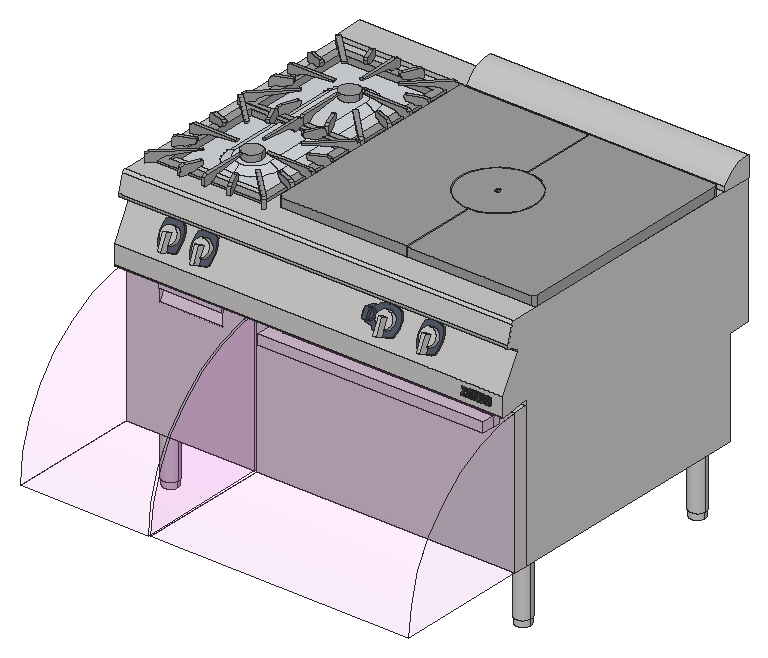
Revit family "QF_ZANUSSI_392265_Z9STGLT01A", category Specialty Equipment, Revit 2018
Family settings
  Round Connector Dimension = Use Diameter
  Part Type = Normal
  Work Plane-Based = No
  Always vertical = Yes
  Cut with Voids When Loaded = No
  Shared = No
  Room Calculation Point = No
Parameters (values of type "Standard")
  Weight = 207.00 kg
  Watts = 0 W
  Volts = 400 V
  URL Manufacturer = "http://www.zanussiprofessional.com"
  URL = "http://www.zanussiprofessional.com"
  Steam Supply Size = 0 mm
  Steam Supply Minimum Pressure = 0.0 Pa
  Steam Supply Maximum Pressure = 0.0 Pa
  Steam Pounds per Hour = 0
  Show Logo [instance] = yes
  Refrigeration Suction Line Size = 0 mm
  Refrigeration Liquid Line Size = 0 mm
  Refrigerant Compressor Remote = yes
  Manufacturer = "Zanussi"
  Phase = 0
  Model = "Z9STGLT01A"
  Length Actual = 1200 mm  # constant formula
  Item Number = "392265"
  Hot Water Size = 0 mm
  Height Actual = 850 mm  # constant formula
  HP = "0 HP"
  Gas Size = 12.7 mm
  Gas KW = 35
  Gas Input Pressure = 0.34467 W
  Direct Waste Size = 0 mm
  Description = "GAS SOLID TOP+2 BURN+OVEN+CUPB.1200(AGA)"
  Depth Actual = 900 mm  # constant formula
  Cycle = 0 Hz
  Condensate Return Size = 0 mm
  Compressed Air Volume = 0.0 L/s
  Compressed Air Size = 0 mm
  Compressed Air Pressure = 0.0 Pa
  Cold Water Size = 0 mm
  Accessory = yes
Values of the unnamed type that differ from the named types
  URL Manufacturer = ""
  Item Number = ""
  Gas KW = 0
  Gas Input Pressure = 0 W
Reference planes
  plane 1 "Centro (Fronte/Retro)": y = 0
  plane 2: z = 0
  plane 3 "Centro (Sinistra/Destra)": x = 0
  plane 4: y = 428
  plane 5: x = 600
  plane 6: x = -600
  plane 7: z = 851
  plane 8: z = 1088
  plane 9: y = -426
  plane 10: y = 301
  plane 11: y = -373
  plane 12: x = 544
  plane 13: x = -544
  plane 14: z = 200
  plane 15: y = -547
Forms (mm)
  Extrusion 1, solid, material "QF_Finishes_Stainless Steel"
    sketch origin (0, 0, 0) x (0, 1, 0) y (0, 0, 1)
      loop
        line (357.87, 200) -> (357.87, 499) -> (427.87, 499) -> (427.87, 900.003) -> (-476.439, 900.003)
        arc (-476.439, 900.003) -> (-482.857, 898.035) -> (-487.068, 892.808) r 11.448
        line (-487.068, 892.808) -> (-501.668, 841.743)
        arc (-501.668, 841.743) -> (-499.525, 833.321) -> (-491.143, 831.033) r 8.63
        line (-491.143, 831.033) -> (-463.844, 815.273)
        arc (-463.844, 815.273) -> (-461.515, 812.237) -> (-462.014, 808.442) r 5
        line (-462.014, 808.442) -> (-519.278, 709.258) -> (-519.278, 651.079)
        arc (-519.278, 651.079) -> (-518.716, 649.846) -> (-517.416, 649.46) r 1.635
        line (-517.416, 649.46) -> (-429.617, 661.8)
        arc (-429.617, 661.8) -> (-427.092, 661.052) -> (-426, 658.656) r 3.175
        line (-426, 658.656) -> (-426, 200) -> (357.87, 200)
    from -600 to 600
  Extrusion 2, solid, material "QF_Finishes_Stainless Steel"
    sketch origin (71.378, -65.298, 0) x (1, 0, 0) y (0, 1, 0)
      loop
        circle (-615.378, 367.298) r 22.9
    from 0 to 19.05
  Extrusion 3, solid, material "QF_Finishes_Stainless Steel"
    sketch origin (-498.022, -1589.298, 150) x (-1, 0, 0) y (0, -1, 0)
      loop
        circle (45.978, -1891.298) r 25.4
    from -129.95 to 50
  Extrusion 4, solid, material "QF_Finishes_Stainless Steel"
    sketch origin (1059.014, -65.298, 0) x (1, 0, 0) y (0, 1, 0)
      loop
        circle (-515.014, 367.298) r 22.9
    from 0 to 19.05
  Extrusion 5, solid, material "QF_Finishes_Stainless Steel"
    sketch origin (489.614, -1589.298, 150) x (-1, 0, 0) y (0, -1, 0)
      loop
        circle (-54.386, -1891.298) r 25.4
    from -129.95 to 50
  Extrusion 6, solid, material "QF_Finishes_Stainless Steel"
    sketch origin (1059.014, -583.889, 0) x (1, 0, 0) y (0, 1, 0)
      loop
        circle (-515.014, 211.889) r 22.9
    from 0 to 19.05
  Extrusion 7, solid, material "QF_Finishes_Stainless Steel"
    sketch origin (489.614, -2107.889, 150) x (-1, 0, 0) y (0, -1, 0)
      loop
        circle (-54.386, -1735.889) r 25.4
    from -129.95 to 50
  Extrusion 8, solid, material "QF_Finishes_Stainless Steel"
    sketch origin (71.378, -583.889, 0) x (1, 0, 0) y (0, 1, 0)
      loop
        circle (-615.378, 211.889) r 22.9
    from 0 to 19.05
  Extrusion 9, solid, material "QF_Finishes_Stainless Steel"
    sketch origin (-498.022, -2107.889, 150) x (-1, 0, 0) y (0, -1, 0)
      loop
        circle (45.978, -1735.889) r 25.4
    from -129.95 to 50
  Extrusion 10, solid, material "QF_Finishes_Stainless Steel"
    sketch origin (0, -1.816, 50) x (0, 1, 0) y (0, 0, 1)
      loop
        line (-431, 595.2) -> (-471, 595.2) -> (-471, 150) -> (-431, 150) -> (-431, 595.2)
    from -600 to -203.3
  Extrusion 11, solid, material "QF_Finishes_Stainless Steel"
    sketch origin (0, -1.816, 50) x (0, 1, 0) y (0, 0, 1)
      loop
        line (-471, 575.771) -> (-489.278, 575.771) -> (-489.278, 545.176) -> (-471, 545.176) -> (-471, 575.771)
    from -148.5 to -103.5
  Extrusion 12, solid, material "QF_Finishes_Stainless Steel"
    sketch origin (0, -472.816, 645.2) x (0, 0, -1) y (1, 0, 0)
      loop
        line (10.898, -302.545) -> (10.898, -497.455) -> (40.786, -497.455) -> (40.786, -302.545) -> (10.898, -302.545)
    from 0 to 2.029
  Extrusion 13, void
    sketch origin (0, 0.181, 49.887) x (0, 1, 0) y (0, 0, 1)
      loop
        line (-472.998, 554.414) -> (-472.998, 516.206) -> (-450.938, 554.414) -> (-472.998, 554.414)
    from -498 to -302.498
  Extrusion 14, solid, material "QF_Finishes_Stainless Steel"
    sketch origin (0, -1.816, 10) x (0, 1, 0) y (0, 0, 1)
      loop
        line (-431, 635.2) -> (-471, 635.2) -> (-471, 190) -> (-431, 190) -> (-431, 635.2)
    from -196.5 to 600
  Extrusion 15, solid, material "QF_Finishes_Stainless Steel"
    sketch origin (0, 0, 0) x (0, 1, 0) y (0, 0, 1)
      loop
        line (427.87, 900.003) -> (427.87, 963)
        arc (427.87, 963) -> (375.918, 950.598) -> (337.87, 913.112) r 99.471
        line (337.87, 913.112) -> (337.87, 900.003) -> (427.87, 900.003)
    from -196.2 to 600
  Extrusion 16, solid, material "QF_Finishes_Stainless Steel"
    sketch origin (-569.4, -1525.816, 200) x (-1, 0, 0) y (0, -1, 0)
      loop
        arc (-420.9, -994.538) -> (-769.4, -978.816) -> (-1117.9, -994.538) r 3870.492
        line (-1117.9, -994.538) -> (-1117.9, -1034.722) -> (-1072.9, -1034.722)
        arc (-1072.9, -1034.722) -> (-769.4, -1023.574) -> (-465.9, -1034.722) r 4137.084
        line (-465.9, -1034.722) -> (-420.9, -1034.722) -> (-420.9, -994.538)
    from 395.176 to 425.771
  Extrusion 17, solid, material "QF_Finishes_Stainless Steel"
    sketch origin (400, -1.816, 50) x (0, 1, 0) y (0, 0, -1)
      loop
        line (-471, -575.771) -> (-471, -545.176) -> (-489.278, -545.176) -> (-489.278, -575.771) -> (-471, -575.771)
    from -148.5 to -103.5
  Extrusion 18, solid, material "QF_Finishes_Stainless Steel"
    sketch origin (-578.4, -2139.868, -100) x (-1, 0, 0) y (0, -1, 0)
      loop
        circle (-1126.4, -1903.739) r 10
    from 283.429 to 300
  Extrusion 19, void
    sketch origin (0, 348.121, 900.003) x (1, 0, 0) y (0, -1, 0)
      loop
        line (-567.66, 41.35) -> (-232.34, 41.35) -> (-232.34, 704.859) -> (-567.66, 704.859) -> (-567.66, 41.35)
    from 0 to 15
  Extrusion 20, solid, material "QF_Finishes_DarkGray"
    sketch origin (-569.4, -1539, 197) x (-1, 0, 0) y (0, -1, 0)
      loop
        line (-1155.62, -1853) -> (-770.203, -1853) -> (-770.203, -1615.997)
        arc (-770.203, -1615.997) -> (-884.4, -1501) -> (-770.203, -1386.003) r 115
        line (-770.203, -1386.003) -> (-770.203, -1149) -> (-1155.62, -1149)
        arc (-1155.62, -1149) -> (-1162.677, -1151.923) -> (-1165.6, -1158.98) r 9.98
        line (-1165.6, -1158.98) -> (-1165.6, -1843.014)
        arc (-1165.6, -1843.014) -> (-1162.679, -1850.074) -> (-1155.62, -1853) r 9.98
      loop
        arc (-383.186, -1853) -> (-376.123, -1850.077) -> (-373.2, -1843.014) r 9.98
        line (-373.2, -1843.014) -> (-373.2, -1158.986)
        arc (-373.2, -1158.986) -> (-376.123, -1151.923) -> (-383.186, -1149) r 9.98
        line (-383.186, -1149) -> (-768.603, -1149) -> (-768.603, -1386.003)
        arc (-768.603, -1386.003) -> (-654.4, -1501) -> (-768.603, -1615.997) r 115
        line (-768.603, -1615.997) -> (-768.603, -1853) -> (-383.186, -1853)
      loop
        circle (-769.4, -1501) r 5
      loop
        circle (-769.4, -1501) r 7
      loop
        circle (-769.4, -1501) r 112
    from 702 to 730.575
  Extrusion 21, solid, material "QF_Finishes_Navy Blue"
    sketch origin (131.905, -457.627, 816.041) x (0, -0.5, -0.866025) y (1, 0, 0)
      loop
        arc (17.589, -453.358) -> (11.034, -481.931) -> (17.589, -510.504) r 65.546
        arc (17.589, -510.504) -> (53.172, -518.077) -> (88.879, -511.117) r 91.066
        arc (88.879, -511.117) -> (95.705, -481.929) -> (88.879, -452.741) r 65.817
        arc (88.879, -452.741) -> (53.171, -445.734) -> (17.589, -453.358) r 90.5
    from 0 to 3.175
  Extrusion 22, solid, material "QF_Finishes_Stainless Steel"
    sketch origin (131.905, -460.377, 817.628) x (0, -0.5, -0.866025) y (1, 0, 0)
      loop
        circle (52.978, -481.905) r 25.4
    from 0 to 12.7
  Extrusion 23, solid, material "QF_Finishes_Stainless Steel"
    sketch origin (131.905, -481.067, 808.766) x (0, -0.422618, -0.906308) y (1, 0, 0)
      loop
        arc (77.71, -487.692) -> (78.378, -481.905) -> (77.71, -476.119) r 25.4
        line (77.71, -476.119) -> (28.246, -476.119)
        arc (28.246, -476.119) -> (27.578, -481.905) -> (28.246, -487.692) r 25.4
        line (28.246, -487.692) -> (77.71, -487.692)
    from 0 to 22
  Extrusion 24, solid, material "QF_Finishes_Navy Blue"
    sketch origin (131.905, -457.627, 816.041) x (0, -0.5, -0.866025) y (1, 0, 0)
      loop
        arc (17.589, -553.358) -> (11.034, -581.931) -> (17.589, -610.504) r 65.546
        arc (17.589, -610.504) -> (53.172, -618.077) -> (88.879, -611.117) r 91.066
        arc (88.879, -611.117) -> (95.705, -581.929) -> (88.879, -552.741) r 65.817
        arc (88.879, -552.741) -> (53.171, -545.734) -> (17.589, -553.358) r 90.5
    from 0 to 3.175
  Extrusion 25, solid, material "QF_Finishes_Stainless Steel"
    sketch origin (131.905, -460.377, 817.628) x (0, -0.5, -0.866025) y (1, 0, 0)
      loop
        circle (52.978, -581.905) r 25.4
    from 0 to 12.7
  Extrusion 26, solid, material "QF_Finishes_Stainless Steel"
    sketch origin (131.905, -481.067, 808.766) x (0, -0.422618, -0.906308) y (1, 0, 0)
      loop
        arc (77.71, -587.692) -> (78.378, -581.905) -> (77.71, -576.119) r 25.4
        line (77.71, -576.119) -> (28.246, -576.119)
        arc (28.246, -576.119) -> (27.578, -581.905) -> (28.246, -587.692) r 25.4
        line (28.246, -587.692) -> (77.71, -587.692)
    from 0 to 22
  Extrusion 27, solid, material "QF_Finishes_Navy Blue"
    sketch origin (131.905, -457.627, 816.041) x (0, -0.5, -0.866025) y (1, 0, 0)
      loop
        arc (17.589, 246.642) -> (11.034, 218.069) -> (17.589, 189.496) r 65.546
        arc (17.589, 189.496) -> (53.172, 181.923) -> (88.879, 188.883) r 91.066
        arc (88.879, 188.883) -> (95.705, 218.071) -> (88.879, 247.259) r 65.817
        arc (88.879, 247.259) -> (53.171, 254.266) -> (17.589, 246.642) r 90.5
    from 0 to 3.175
  Extrusion 28, solid, material "QF_Finishes_Stainless Steel"
    sketch origin (131.905, -460.377, 817.628) x (0, -0.5, -0.866025) y (1, 0, 0)
      loop
        circle (52.978, 218.095) r 25.4
    from 0 to 12.7
  Extrusion 29, solid, material "QF_Finishes_Stainless Steel"
    sketch origin (131.905, -481.067, 808.766) x (0, -0.422618, -0.906308) y (1, 0, 0)
      loop
        arc (77.71, 212.308) -> (78.378, 218.095) -> (77.71, 223.881) r 25.4
        line (77.71, 223.881) -> (28.246, 223.881)
        arc (28.246, 223.881) -> (27.578, 218.095) -> (28.246, 212.308) r 25.4
        line (28.246, 212.308) -> (77.71, 212.308)
    from 0 to 22
  Extrusion 30, solid, material "QF_Finishes_Navy Blue"
    sketch origin (-2.396, -457.627, 816.041) x (0, -0.5, -0.866025) y (1, 0, 0)
      loop
        arc (19.994, 251.151) -> (11.034, 218.141) -> (19.922, 185.111) r 65.546
        arc (19.922, 185.111) -> (22.94, 183.451) -> (26.041, 181.953) r 65.546
        arc (26.041, 181.953) -> (30.175, 162.952) -> (40.168, 146.271) r 60
        arc (40.168, 146.271) -> (52.884, 144.752) -> (65.607, 146.216) r 55
        arc (65.607, 146.216) -> (75.654, 162.885) -> (79.836, 181.894) r 60
        arc (79.836, 181.894) -> (82.94, 183.386) -> (85.962, 185.039) r 65.546
        arc (85.962, 185.039) -> (94.922, 218.049) -> (86.034, 251.078) r 65.546
        arc (86.034, 251.078) -> (53.024, 260.039) -> (19.994, 251.151) r 65.546
    from 0 to 3.175
  Extrusion 31, solid, material "QF_Finishes_Stainless Steel"
    sketch origin (131.905, -460.377, 817.628) x (0, -0.5, -0.866025) y (1, 0, 0)
      loop
        circle (52.978, 83.794) r 25.4
    from 0 to 12.7
  Extrusion 32, solid, material "QF_Finishes_Stainless Steel"
    sketch origin (131.905, -481.067, 808.766) x (0, -0.422618, -0.906308) y (1, 0, 0)
      loop
        arc (77.71, 78.008) -> (78.378, 83.794) -> (77.71, 89.58) r 25.4
        line (77.71, 89.58) -> (28.246, 89.58)
        arc (28.246, 89.58) -> (27.578, 83.794) -> (28.246, 78.008) r 25.4
        line (28.246, 78.008) -> (77.71, 78.008)
    from 0 to 22
  Extrusion 33, solid, material "QF_Finishes_Navy Blue"
    sketch origin (-2.396, -460.377, 817.628) x (0, -0.5, -0.866025) y (1, 0, 0)
      loop
        circle (52.978, 167.295) r 16.544
    from 0 to 10
  Extrusion 34, solid, material "QF_Finishes_Navy Blue"
    sketch origin (-2.396, -469.037, 822.628) x (0, -0.5, -0.866025) y (1, 0, 0)
      loop
        line (37.478, 161.508) -> (68.478, 161.508)
        arc (68.478, 161.508) -> (69.522, 167.295) -> (68.478, 173.081) r 16.544
        line (68.478, 173.081) -> (37.478, 173.081)
        arc (37.478, 173.081) -> (36.434, 167.295) -> (37.478, 161.508) r 16.544
    from 0 to 10
  Extrusion 35, solid, material "QF_Finishes_Stainless Steel"
    sketch origin (0, 0, 0) x (0, 1, 0) y (0, 0, 1)
      loop
        line (427.87, 900.003) -> (427.87, 913.112) -> (337.87, 913.112) -> (337.87, 900.003) -> (427.87, 900.003)
    from -600 to -196.2
  Extrusion 36, solid, material "QF_Finishes_Drawer Clearance"
    sketch origin (0, -1.816, 50) x (0, 1, 0) y (0, 0, 1)
      loop
        line (-431, 150) -> (-431, 595.2)
        arc (-431, 595.2) -> (-746.753, 464.332) -> (-881, 150) r 452.683
        line (-881, 150) -> (-431, 150)
    from -196.5 to 600
  Extrusion 37, solid, material "QF_Finishes_Drawer Clearance"
    sketch origin (-403.5, -1.816, 50) x (0, 1, 0) y (0, 0, 1)
      loop
        line (-431, 150) -> (-431, 595.2)
        arc (-431, 595.2) -> (-746.753, 464.332) -> (-881, 150) r 452.683
        line (-881, 150) -> (-431, 150)
    from -196.5 to 200.2
Cuts and joins
  Extrusion 19 cuts Extrusion 1
  Extrusion 13 cuts Extrusion 10
  joined: Extrusion 11, Extrusion 16
Lines and regions (mm)
  symbolic lines
    curve 1: line (-455.786, -502.068, 150) -> (-455.786, -533.847, 150)
    curve 2: line (-444.214, -533.847, 150) -> (-444.214, -502.068, 150)
    curve 3: spline (-455.786, -533.847, 150) -> (-454.835, -533.933, 150) -> (-453.876, -534.004, 150) -> (-452.912, -534.059, 150) -> (-451.944, -534.098, 150) -> (-450.973, -534.122, 150) -> (-450, -534.13, 150) -> (-449.027, -534.122, 150) -> (-448.056, -534.098, 150) -> (-447.088, -534.059, 150) -> (-446.124, -534.004, 150) -> (-445.165, -533.933, 150) -> (-444.214, -533.847, 150)
    curve 4: spline (-473.968, -502.068, 150) -> (-473.182, -503.055, 150) -> (-472.234, -504.005, 150) -> (-471.13, -504.912, 150) -> (-469.879, -505.77, 150) -> (-468.489, -506.573, 150) -> (-466.969, -507.314, 150) -> (-465.331, -507.99, 150) -> (-463.586, -508.595, 150) -> (-461.745, -509.125, 150) -> (-459.823, -509.576, 150) -> (-457.832, -509.946, 150) -> (-455.786, -510.231, 150)
    curve 5: spline (-444.214, -510.231, 150) -> (-442.168, -509.946, 150) -> (-440.177, -509.576, 150) -> (-438.255, -509.125, 150) -> (-436.414, -508.595, 150) -> (-434.669, -507.99, 150) -> (-433.031, -507.314, 150) -> (-431.511, -506.573, 150) -> (-430.121, -505.77, 150) -> (-428.87, -504.912, 150) -> (-427.766, -504.005, 150) -> (-426.818, -503.055, 150) -> (-426.032, -502.068, 150)
    curve 6: line (600, 427.87, 150) -> (-600, 427.87, 150)
    curve 7: line (-600, 427.87, 150) -> (-600, -519.278, 150)
    curve 8: line (600, -519.278, 150) -> (600, 427.87, 150)
    curve 9: line (-600, -519.278, 150) -> (600, -519.278, 150)
    curve 10: line (-148.5, -519.278, 150) -> (-148.5, -529.462, 150)
    curve 11: line (548.5, -529.462, 150) -> (548.5, -519.278, 150)
    curve 12: line (-196.2, 304.014, 150) -> (-196.2, -380.014, 150)
    curve 13: arc (-186.214, 314, 150) -> (-193.277, 311.077, 150) -> (-196.2, 304.014, 150) r 9.98
    curve 14: line (199.203, 314, 150) -> (-186.214, 314, 150)
    curve 15: line (199.203, 76.997, 150) -> (199.203, 314, 150)
    curve 16: arc (199.203, -152.997, 150) -> (85, -38, 150) -> (199.203, 76.997, 150) r 115
    curve 17: line (199.203, -390, 150) -> (199.203, -152.997, 150)
    curve 18: line (-186.214, -390, 150) -> (199.203, -390, 150)
    curve 19: arc (-196.2, -380.014, 150) -> (-193.277, -387.077, 150) -> (-186.214, -390, 150) r 9.98
    curve 20: arc (199.203, 73.997, 150) -> (88.003, -38.797, 150) -> (200.797, -149.997, 150) r 112
    curve 21: arc (200.797, -149.997, 150) -> (311.997, -37.203, 150) -> (199.203, 73.997, 150) r 112
    curve 22: arc (200.803, 76.997, 150) -> (315, -38, 150) -> (200.803, -152.997, 150) r 115
    curve 23: line (200.803, -152.997, 150) -> (200.803, -390, 150)
    curve 24: line (200.803, -390, 150) -> (586.22, -390, 150)
    curve 25: arc (586.22, -390, 150) -> (593.277, -387.077, 150) -> (596.2, -380.02, 150) r 9.98
    curve 26: line (596.2, -380.02, 150) -> (596.2, 304.014, 150)
    curve 27: arc (596.2, 304.014, 150) -> (593.279, 311.075, 150) -> (586.22, 314, 150) r 9.98
    curve 28: line (586.22, 314, 150) -> (200.803, 314, 150)
    curve 29: line (200.803, 314, 150) -> (200.803, 76.997, 150)
    curve 30: line (600, 356, 150) -> (-600, 356, 150)
    curve 31: line (-600, 337.87, 150) -> (600, 337.87, 150)
    curve 32: line (600, -431, 150) -> (-600, -431, 150)
    curve 35: line (-355.786, -502.068, 150) -> (-355.786, -533.847, 150)
    curve 36: line (-344.214, -533.847, 150) -> (-344.214, -502.068, 150)
    curve 37: spline (-355.786, -533.847, 150) -> (-354.835, -533.933, 150) -> (-353.876, -534.004, 150) -> (-352.912, -534.059, 150) -> (-351.944, -534.098, 150) -> (-350.973, -534.122, 150) -> (-350, -534.13, 150) -> (-349.027, -534.122, 150) -> (-348.056, -534.098, 150) -> (-347.088, -534.059, 150) -> (-346.124, -534.004, 150) -> (-345.165, -533.933, 150) -> (-344.214, -533.847, 150)
    curve 38: spline (-373.968, -502.068, 150) -> (-373.182, -503.055, 150) -> (-372.234, -504.005, 150) -> (-371.13, -504.912, 150) -> (-369.879, -505.77, 150) -> (-368.489, -506.573, 150) -> (-366.969, -507.314, 150) -> (-365.331, -507.99, 150) -> (-363.586, -508.595, 150) -> (-361.745, -509.125, 150) -> (-359.823, -509.576, 150) -> (-357.832, -509.946, 150) -> (-355.786, -510.231, 150)
    curve 39: spline (-344.214, -510.231, 150) -> (-342.168, -509.946, 150) -> (-340.177, -509.576, 150) -> (-338.255, -509.125, 150) -> (-336.414, -508.595, 150) -> (-334.669, -507.99, 150) -> (-333.031, -507.314, 150) -> (-331.511, -506.573, 150) -> (-330.121, -505.77, 150) -> (-328.87, -504.912, 150) -> (-327.766, -504.005, 150) -> (-326.818, -503.055, 150) -> (-326.032, -502.068, 150)
    curve 40: line (209.839, -502.068, 150) -> (209.839, -533.847, 150)
    curve 41: line (221.411, -533.847, 150) -> (221.411, -502.068, 150)
    curve 42: spline (209.839, -533.847, 150) -> (210.79, -533.933, 150) -> (211.749, -534.004, 150) -> (212.713, -534.059, 150) -> (213.681, -534.098, 150) -> (214.652, -534.122, 150) -> (215.625, -534.13, 150) -> (216.598, -534.122, 150) -> (217.569, -534.098, 150) -> (218.537, -534.059, 150) -> (219.501, -534.004, 150) -> (220.46, -533.933, 150) -> (221.411, -533.847, 150)
    curve 43: spline (191.657, -502.068, 150) -> (192.443, -503.055, 150) -> (193.391, -504.005, 150) -> (194.495, -504.912, 150) -> (195.746, -505.77, 150) -> (197.136, -506.573, 150) -> (198.656, -507.314, 150) -> (200.294, -507.99, 150) -> (202.039, -508.595, 150) -> (203.88, -509.125, 150) -> (205.802, -509.576, 150) -> (207.793, -509.946, 150) -> (209.839, -510.231, 150)
    curve 44: spline (221.411, -510.231, 150) -> (223.457, -509.946, 150) -> (225.448, -509.576, 150) -> (227.37, -509.125, 150) -> (229.211, -508.595, 150) -> (230.956, -507.99, 150) -> (232.594, -507.314, 150) -> (234.114, -506.573, 150) -> (235.504, -505.77, 150) -> (236.755, -504.912, 150) -> (237.859, -504.005, 150) -> (238.807, -503.055, 150) -> (239.593, -502.068, 150)
    curve 45: line (344.214, -502.068, 150) -> (344.214, -533.847, 150)
    curve 46: line (355.786, -533.847, 150) -> (355.786, -502.068, 150)
    curve 47: spline (344.214, -533.847, 150) -> (345.165, -533.933, 150) -> (346.124, -534.004, 150) -> (347.088, -534.059, 150) -> (348.056, -534.098, 150) -> (349.027, -534.122, 150) -> (350, -534.13, 150) -> (350.973, -534.122, 150) -> (351.944, -534.098, 150) -> (352.912, -534.059, 150) -> (353.876, -534.004, 150) -> (354.835, -533.933, 150) -> (355.786, -533.847, 150)
    curve 48: spline (326.032, -502.068, 150) -> (326.818, -503.055, 150) -> (327.766, -504.005, 150) -> (328.87, -504.912, 150) -> (330.121, -505.77, 150) -> (331.511, -506.573, 150) -> (333.031, -507.314, 150) -> (334.669, -507.99, 150) -> (336.414, -508.595, 150) -> (338.255, -509.125, 150) -> (340.177, -509.576, 150) -> (342.168, -509.946, 150) -> (344.214, -510.231, 150)
    curve 49: spline (355.786, -510.231, 150) -> (357.832, -509.946, 150) -> (359.823, -509.576, 150) -> (361.745, -509.125, 150) -> (363.586, -508.595, 150) -> (365.331, -507.99, 150) -> (366.969, -507.314, 150) -> (368.489, -506.573, 150) -> (369.879, -505.77, 150) -> (371.13, -504.912, 150) -> (372.234, -504.005, 150) -> (373.182, -503.055, 150) -> (373.968, -502.068, 150)
    curve 50: line (159.113, -502.068, 150) -> (159.113, -511.936, 150)
    curve 51: spline (159.113, -511.936, 150) -> (160.046, -512.095, 150) -> (160.995, -512.225, 150) -> (161.959, -512.327, 150) -> (162.933, -512.4, 150) -> (163.914, -512.444, 150) -> (164.899, -512.459, 150) -> (165.884, -512.444, 150) -> (166.865, -512.4, 150) -> (167.839, -512.327, 150) -> (168.803, -512.225, 150) -> (169.753, -512.095, 150) -> (170.685, -511.936, 150)
    curve 52: line (170.685, -511.936, 150) -> (170.685, -502.068, 150)
    curve 53: line (-577.999, -242.313, 150) -> (-447.206, -242.313, 150)
    curve 54: line (-447.206, -242.313, 150) -> (-447.206, -232.313, 150)
    curve 55: line (-447.206, -232.313, 150) -> (-577.999, -232.313, 150)
    curve 56: line (-577.999, -232.313, 150) -> (-577.999, -242.313, 150)
    curve 57: line (-573.919, -418.304, 150) -> (-481.435, -325.82, 150)
    curve 58: line (-481.435, -325.82, 150) -> (-488.506, -318.748, 150)
    curve 59: line (-488.506, -318.748, 150) -> (-580.991, -411.233, 150)
    curve 60: line (-580.991, -411.233, 150) -> (-573.919, -418.304, 150)
    curve 61: line (-405, -284.52, 150) -> (-405, -415.313, 150)
    curve 62: line (-405, -415.313, 150) -> (-395, -415.313, 150)
    curve 63: line (-395, -415.313, 150) -> (-395, -284.52, 150)
    curve 64: line (-395, -284.52, 150) -> (-405, -284.52, 150)
    curve 65: line (-318.565, -325.82, 150) -> (-226.081, -418.304, 150)
    curve 66: line (-226.081, -418.304, 150) -> (-219.009, -411.233, 150)
    curve 67: line (-219.009, -411.233, 150) -> (-311.494, -318.748, 150)
    curve 68: line (-311.494, -318.748, 150) -> (-318.565, -325.82, 150)
    curve 69: line (-352.794, -242.313, 150) -> (-222.001, -242.313, 150)
    curve 70: line (-222.001, -242.313, 150) -> (-222.001, -232.313, 150)
    curve 71: line (-222.001, -232.313, 150) -> (-352.794, -232.313, 150)
    curve 72: line (-352.794, -232.313, 150) -> (-352.794, -242.313, 150)
    curve 73: line (-311.494, -155.878, 150) -> (-219.009, -63.394, 150)
    curve 74: line (-219.009, -63.394, 150) -> (-226.081, -56.323, 150)
    curve 75: line (-226.081, -56.323, 150) -> (-318.565, -148.807, 150)
    curve 76: line (-318.565, -148.807, 150) -> (-311.494, -155.878, 150)
    curve 77: line (-395, -190.107, 150) -> (-395, -59.314, 150)
    curve 78: line (-395, -59.314, 150) -> (-405, -59.314, 150)
    curve 79: line (-405, -59.314, 150) -> (-405, -190.107, 150)
    curve 80: line (-405, -190.107, 150) -> (-395, -190.107, 150)
    curve 81: line (-580.991, -63.394, 150) -> (-488.506, -155.878, 150)
    curve 82: line (-488.506, -155.878, 150) -> (-481.435, -148.807, 150)
    curve 83: line (-481.435, -148.807, 150) -> (-573.919, -56.323, 150)
    curve 84: line (-573.919, -56.323, 150) -> (-580.991, -63.394, 150)
    curve 85: line (-567.66, -404.973, 150) -> (-232.34, -404.973, 150)
    curve 86: line (-567.66, 306.771, 150) -> (-567.66, -62.583, 150)
    curve 87: line (-232.34, -404.973, 150) -> (-232.34, -242.313, 150)
    curve 88: line (-258, -64.378, 150) -> (-258, -88.242, 150)
    curve 89: line (-542, -64.378, 150) -> (-405, -64.378, 150)
    curve 90: line (-232.34, -49.101, 150) -> (-567.66, -49.101, 150)
    curve 91: arc (-370, 139.108, 150) -> (-400, 109.108, 150) -> (-430, 139.108, 150) r 30
    curve 92: arc (-430, 139.108, 150) -> (-400, 169.108, 150) -> (-370, 139.108, 150) r 30
    curve 93: arc (-370, -237.31, 150) -> (-400, -207.31, 150) -> (-430, -237.31, 150) r 30
    curve 94: arc (-430, -237.31, 150) -> (-400, -267.31, 150) -> (-370, -237.31, 150) r 30
    curve 95: line (-567.66, 306.771, 0) -> (-232.34, 306.771, 0)
    curve 96: line (-265.055, -379.329, 0) -> (-394.945, -379.329, 0)
    curve 97: line (-542, -64.378, 0) -> (-542, -88.178, 0)
    curve 98: line (-542, -102.33, 0) -> (-542, -232.33, 0)
    curve 99: line (-542, -242.33, 0) -> (-542, -372.242, 0)
    curve 100: line (-404.945, -379.329, 0) -> (-534.945, -379.329, 0)
    curve 101: line (-258, -242.313, 150) -> (-258, -372.242, 150)
    curve 102: line (-258, -102.384, 150) -> (-258, -232.313, 150)
    curve 103: line (-395, -64.378, 150) -> (-258, -64.378, 150)
    curve 104: line (-567.66, -242.313, 150) -> (-567.66, -404.973, 150)
    curve 105: line (-232.34, -232.313, 150) -> (-232.34, -76.725, 150)
    curve 106: line (-232.34, -62.583, 150) -> (-232.34, 306.771, 150)
    curve 107: line (-567.66, -76.725, 150) -> (-567.66, -232.313, 150)
    curve 108: arc (-196.2, 281.812, 150) -> (-193.277, 288.874, 150) -> (-186.214, 291.797, 150) r 9.98
    curve 109: line (-577.999, 144.111, 150) -> (-447.206, 144.111, 150)
    curve 110: line (-447.206, 144.111, 150) -> (-447.206, 134.111, 150)
    curve 111: line (-447.206, 134.111, 150) -> (-577.999, 134.111, 150)
    curve 112: line (-577.999, 134.111, 150) -> (-577.999, 144.111, 150)
    curve 113: line (-573.919, 320.102, 150) -> (-481.435, 227.617, 150)
    curve 114: line (-481.435, 227.617, 150) -> (-488.506, 220.546, 150)
    curve 115: line (-488.506, 220.546, 150) -> (-580.991, 313.031, 150)
    curve 116: line (-580.991, 313.031, 150) -> (-573.919, 320.102, 150)
    curve 117: line (-405, 186.318, 150) -> (-405, 317.11, 150)
    curve 118: line (-405, 317.11, 150) -> (-395, 317.11, 150)
    curve 119: line (-395, 317.11, 150) -> (-395, 186.318, 150)
    curve 120: line (-395, 186.318, 150) -> (-405, 186.318, 150)
    curve 121: line (-318.565, 227.617, 150) -> (-226.081, 320.102, 150)
    curve 122: line (-226.081, 320.102, 150) -> (-219.009, 313.031, 150)
    curve 123: line (-219.009, 313.031, 150) -> (-311.494, 220.546, 150)
    curve 124: line (-311.494, 220.546, 150) -> (-318.565, 227.617, 150)
    curve 125: line (-352.794, 144.111, 150) -> (-222.001, 144.111, 150)
    curve 126: line (-222.001, 144.111, 150) -> (-222.001, 134.111, 150)
    curve 127: line (-222.001, 134.111, 150) -> (-352.794, 134.111, 150)
    curve 128: line (-352.794, 134.111, 150) -> (-352.794, 144.111, 150)
    curve 129: line (-311.494, 57.676, 150) -> (-219.009, -34.808, 150)
    curve 130: line (-219.009, -34.808, 150) -> (-226.081, -41.879, 150)
    curve 131: line (-226.081, -41.879, 150) -> (-318.565, 50.605, 150)
    curve 132: line (-318.565, 50.605, 150) -> (-311.494, 57.676, 150)
    curve 133: line (-395, 91.905, 150) -> (-395, -38.888, 150)
    curve 134: line (-395, -38.888, 150) -> (-405, -38.888, 150)
    curve 135: line (-405, -38.888, 150) -> (-405, 91.905, 150)
    curve 136: line (-405, 91.905, 150) -> (-395, 91.905, 150)
    curve 137: line (-580.991, -34.808, 150) -> (-488.506, 57.676, 150)
    curve 138: line (-488.506, 57.676, 150) -> (-481.435, 50.605, 150)
    curve 139: line (-481.435, 50.605, 150) -> (-573.919, -41.879, 150)
    curve 140: line (-573.919, -41.879, 150) -> (-580.991, -34.808, 150)
    curve 141: arc (-370, 139.108, 150) -> (-400, 109.108, 150) -> (-430, 139.108, 150) r 30
    curve 142: arc (-430, 139.108, 150) -> (-400, 169.108, 150) -> (-370, 139.108, 150) r 30
    curve 143: line (-258, -33.824, 150) -> (-258, -9.96, 150)
    curve 144: line (-542, -33.824, 150) -> (-405, -33.824, 150)
    curve 145: line (-265.055, 281.127, 0) -> (-394.945, 281.127, 0)
    curve 146: line (-542, -33.824, 0) -> (-542, -10.024, 0)
    curve 147: line (-542, 4.128, 0) -> (-542, 134.128, 0)
    curve 148: line (-542, 144.128, 0) -> (-542, 274.04, 0)
    curve 149: line (-404.945, 281.127, 0) -> (-534.945, 281.127, 0)
    curve 150: line (-258, 144.111, 150) -> (-258, 274.04, 150)
    curve 151: line (-258, 4.182, 150) -> (-258, 134.111, 150)
    curve 152: line (-395, -33.824, 150) -> (-258, -33.824, 150)
    curve 153: arc (207, -38, 150) -> (200, -45, 150) -> (193, -38, 150) r 7
    curve 154: arc (193, -38, 150) -> (200, -31, 150) -> (207, -38, 150) r 7
    curve 155: arc (503.214, -519.278, 150) -> (429.536, -524.02, 150) -> (355.786, -527.451, 150) r 4152.038
    curve 156: arc (-148.5, -529.462, 150) -> (200, -545.184, 150) -> (548.5, -529.462, 150) r 3870.492
    curve 157: arc (209.839, -530.373, 150) -> (53.058, -527.785, 150) -> (-103.514, -519.278, 150) r 4152.043
    curve 158: arc (344.214, -527.911, 150) -> (282.822, -529.597, 150) -> (221.411, -530.37, 150) r 4137.084
  symbolic lines, style "SpecialityEquipment"
    curve 33: line (-600, -502.068, 150) -> (600, -502.068, 150)
    curve 34: line (-600, -519.278, 150) -> (600, -519.278, 150)
  symbolic lines, style "QF_Drawer Clearance"
    curve 159: line (-600, -882.816, 150) -> (-203.3, -882.816, 150)
    curve 160: line (-196.5, -882.816, 150) -> (600, -882.816, 150)
    curve 161: line (-600, -882.816, 150) -> (-600, -519.278, 150)
    curve 162: line (-203.3, -882.816, 150) -> (-203.3, -519.278, 150)
    curve 163: line (-196.5, -882.816, 150) -> (-196.5, -519.278, 150)
    curve 164: line (600, -882.816, 150) -> (600, -519.278, 150)
Dimensions and locks
  equal spacing: plane 6, plane 3 "Centro (Sinistra/Destra)", plane 5
  plane 4 to plane 9 = 854 mm  (x2)
  plane 6 to plane 5 = 1200 mm
  plane 7 to level = 851 mm
  plane 4 to plane 1 "Centro (Fronte/Retro)" to plane 9 = 428 mm, 426 mm
  plane 4 to plane 10 to plane 11 = 127 mm, 674 mm
  plane 6 to plane 13 = 56 mm
  plane 12 to plane 5 = 56 mm
  cut or joined group of Extrusion 1, Extrusion 19 to plane 7 = 49.003 mm
  Extrusion 10 sketch curve to plane 4 = 900.816 mm
  plane 8 to plane 7 to level = 237 mm, 851 mm
  plane 4 to cut or joined group of Extrusion 1, Extrusion 19 = 930 mm
  cut or joined group of Extrusion 1, Extrusion 19 to level = 900.003 mm
  plane 14 to level = 200 mm
  cut or joined group of Extrusion 1, Extrusion 19 to nested 1 = 711.744 mm
  plane 4 to cut or joined group of Extrusion 1, Extrusion 19 = 854 mm
  plane 4 to plane 15 = 975 mm
  plane 4 to cut or joined group of Extrusion 1, Extrusion 19 = 929.668 mm
  angle Extrusion 10 to Extrusion 13 sketch curve = 30.00°
  aligned and locked: level to plane 2
  aligned and locked: Extrusion 1 to plane 5
  aligned and locked: plane 6 to Extrusion 1
Automatic sketch dimensions
  plane 10 to Extrusion 2 sketch curve = 1 mm
  Extrusion 2 sketch curve to plane 13 = 0 mm
  plane 10 to Extrusion 3 sketch curve = 1 mm
  Extrusion 3 sketch curve to plane 13 = 0 mm
  plane 10 to Extrusion 4 sketch curve = 1 mm
  Extrusion 4 sketch curve to plane 12 = 0 mm
  plane 10 to Extrusion 5 sketch curve = 1 mm
  Extrusion 5 sketch curve to plane 12 = 0 mm
  plane 11 to Extrusion 6 sketch curve = 1 mm
  Extrusion 6 sketch curve to plane 12 = 0 mm
  plane 11 to Extrusion 7 sketch curve = 1 mm
  Extrusion 7 sketch curve to plane 12 = 0 mm
  plane 11 to Extrusion 8 sketch curve = 1 mm
  Extrusion 8 sketch curve to plane 13 = 0 mm
  plane 11 to Extrusion 9 sketch curve = 1 mm
  Extrusion 9 sketch curve to plane 13 = 0 mm
  Extrusion 11 sketch curve to plane 9 = 65.094 mm
  Extrusion 11 sketch curve to Extrusion 11 sketch curve = 18.278 mm
  Extrusion 11 sketch curve to plane 7 = 255.824 mm
  Extrusion 11 sketch curve to Extrusion 11 sketch curve = 30.595 mm
  Extrusion 15 sketch curve to plane 8 = 125 mm
  plane 7 to Extrusion 15 sketch curve = 49.003 mm
  plane 10 to Extrusion 15 sketch curve = 36.87 mm
  Extrusion 15 sketch curve to plane 4 = 3.858 mm
  Extrusion 15 sketch curve to plane 4 = 0.13 mm
  Extrusion 15 sketch curve to Extrusion 15 sketch curve = 99.401 mm
  plane 12 to Extrusion 16 sketch curve = 4.5 mm
  Extrusion 16 sketch curve to plane 12 = 40.5 mm
  plane 3 "Centro (Sinistra/Destra)" to Extrusion 16 sketch curve = 200 mm  (x2)
  Extrusion 16 sketch curve to plane 3 "Centro (Sinistra/Destra)" = 103.5 mm
  Extrusion 16 sketch curve to Extrusion 16 sketch curve = 45 mm
  plane 4 to Extrusion 16 sketch curve = 3206.842 mm
  Extrusion 16 sketch curve to Extrusion 16 sketch curve = 311.35 mm
  Extrusion 16 sketch curve to plane 9 = 65.094 mm
  Extrusion 16 sketch curve to Extrusion 16 sketch curve = 40.184 mm
  Extrusion 17 sketch curve to plane 9 = 65.094 mm
  Extrusion 17 sketch curve to Extrusion 17 sketch curve = 18.278 mm
  Extrusion 17 sketch curve to plane 7 = 225.229 mm
  Extrusion 17 sketch curve to Extrusion 17 sketch curve = 30.595 mm
  plane 12 to Extrusion 18 sketch curve = 4 mm
  Extrusion 18 sketch curve to plane 4 = 664.13 mm
  Extrusion 19 sketch curve to plane 13 = 23.66 mm
  plane 11 to Extrusion 19 sketch curve = 16.262 mm
  Extrusion 19 sketch curve to plane 3 "Centro (Sinistra/Destra)" = 232.34 mm
  plane 10 to Extrusion 19 sketch curve = 5.771 mm
  plane 13 to Extrusion 21 sketch curve = 193.976 mm
  Extrusion 21 sketch curve to Extrusion 21 sketch curve = 24.066 mm  (x2)
  Extrusion 21 sketch curve to Extrusion 21 sketch curve = 46.691 mm
  Extrusion 21 sketch curve to Extrusion 21 sketch curve = 0.002 mm
  Extrusion 21 sketch curve to Extrusion 21 sketch curve = 54.3 mm
  Extrusion 21 sketch curve to Extrusion 21 sketch curve = 54.917 mm
  Extrusion 21 sketch curve to Extrusion 21 sketch curve = 12.3 mm  (x4)
  Extrusion 23 sketch curve to Extrusion 23 sketch curve = 0 mm  (x3)
  plane 13 to Extrusion 23 sketch curve = 188.214 mm
  Extrusion 23 sketch curve to Extrusion 23 sketch curve = 24.732 mm  (x2)
  Extrusion 23 sketch curve to Extrusion 23 sketch curve = 5.786 mm
  plane 13 to Extrusion 24 sketch curve = 93.976 mm
  Extrusion 24 sketch curve to Extrusion 24 sketch curve = 24.066 mm  (x2)
  Extrusion 24 sketch curve to Extrusion 24 sketch curve = 46.691 mm
  Extrusion 24 sketch curve to Extrusion 24 sketch curve = 0.002 mm
  plane 13 to Extrusion 24 sketch curve = 39.674 mm
  Extrusion 24 sketch curve to Extrusion 24 sketch curve = 54.917 mm
  Extrusion 24 sketch curve to Extrusion 24 sketch curve = 12.3 mm  (x4)
  Extrusion 26 sketch curve to Extrusion 26 sketch curve = 0 mm  (x3)
  plane 13 to Extrusion 26 sketch curve = 88.214 mm
  Extrusion 26 sketch curve to Extrusion 26 sketch curve = 24.732 mm  (x2)
  Extrusion 26 sketch curve to Extrusion 26 sketch curve = 5.786 mm
  Extrusion 27 sketch curve to plane 12 = 194.024 mm
  Extrusion 27 sketch curve to Extrusion 27 sketch curve = 24.066 mm  (x2)
  Extrusion 27 sketch curve to Extrusion 27 sketch curve = 46.691 mm
  Extrusion 27 sketch curve to Extrusion 27 sketch curve = 0.002 mm
  Extrusion 27 sketch curve to Extrusion 27 sketch curve = 54.3 mm
  Extrusion 27 sketch curve to Extrusion 27 sketch curve = 54.917 mm
  Extrusion 27 sketch curve to Extrusion 27 sketch curve = 12.3 mm  (x4)
  Extrusion 29 sketch curve to Extrusion 29 sketch curve = 0 mm  (x3)
  Extrusion 29 sketch curve to plane 12 = 199.786 mm
  Extrusion 29 sketch curve to Extrusion 29 sketch curve = 24.732 mm  (x2)
  Extrusion 29 sketch curve to Extrusion 29 sketch curve = 5.786 mm
  Extrusion 30 sketch curve to Extrusion 30 sketch curve = 0 mm  (x4)
  plane 3 "Centro (Sinistra/Destra)" to Extrusion 30 sketch curve = 182.715 mm
  Extrusion 30 sketch curve to Extrusion 30 sketch curve = 9.454 mm
  Extrusion 30 sketch curve to Extrusion 30 sketch curve = 23.576 mm  (x3)
  Extrusion 30 sketch curve to Extrusion 30 sketch curve = 0.052 mm
  Extrusion 30 sketch curve to Extrusion 30 sketch curve = 23.628 mm
  Extrusion 30 sketch curve to Extrusion 30 sketch curve = 9.382 mm  (x2)
  Extrusion 30 sketch curve to Extrusion 30 sketch curve = 0.072 mm
  Extrusion 30 sketch curve to Extrusion 30 sketch curve = 5.259 mm
  Extrusion 30 sketch curve to Extrusion 30 sketch curve = 18.317 mm
  Extrusion 30 sketch curve to Extrusion 30 sketch curve = 18.368 mm
  Extrusion 30 sketch curve to Extrusion 30 sketch curve = 33.009 mm
  Extrusion 30 sketch curve to Extrusion 30 sketch curve = 6.119 mm
  Extrusion 30 sketch curve to Extrusion 30 sketch curve = 14.127 mm
  Extrusion 30 sketch curve to Extrusion 30 sketch curve = 25.44 mm
  Extrusion 30 sketch curve to Extrusion 30 sketch curve = 6.126 mm
  Extrusion 30 sketch curve to Extrusion 30 sketch curve = 33.03 mm
  Extrusion 32 sketch curve to Extrusion 32 sketch curve = 0 mm  (x3)
  plane 3 "Centro (Sinistra/Destra)" to Extrusion 32 sketch curve = 209.913 mm
  Extrusion 32 sketch curve to Extrusion 32 sketch curve = 24.732 mm  (x2)
  Extrusion 32 sketch curve to Extrusion 32 sketch curve = 5.786 mm
  Extrusion 33 sketch curve to Extrusion 33 sketch curve = 0 mm  (x2)
  Extrusion 33 sketch curve to Extrusion 33 sketch curve = 16.544 mm
  Extrusion 34 sketch curve to Extrusion 34 sketch curve = 15.5 mm
  Extrusion 34 sketch curve to Extrusion 34 sketch curve = 0 mm
  Extrusion 10 sketch curve to plane 9 = 6.816 mm
  Extrusion 10 sketch curve to plane 14 = 0 mm
  Extrusion 10 sketch curve to plane 7 = 205.8 mm
  Extrusion 12 sketch curve to Extrusion 10 = 10.898 mm
  Extrusion 12 sketch curve to Extrusion 12 sketch curve = 29.887 mm
  Extrusion 10 to Extrusion 12 sketch curve = 102.545 mm
  Extrusion 10 to Extrusion 12 sketch curve = 99.245 mm
  Extrusion 13 sketch curve to plane 9 = 46.816 mm
  Extrusion 13 sketch curve to Extrusion 13 sketch curve = 22.059 mm
  plane 14 to Extrusion 13 sketch curve = 366.094 mm
  Extrusion 14 sketch curve to plane 9 = 46.816 mm
  Extrusion 14 sketch curve to plane 9 = 6.816 mm
  Extrusion 14 sketch curve to plane 14 = 0 mm
  Extrusion 14 sketch curve to plane 7 = 205.8 mm
  Extrusion 20 sketch curve to Extrusion 20 sketch curve = 0 mm  (x34)
  plane 10 to Extrusion 20 sketch curve = 3.02 mm  (x2)
  plane 5 to Extrusion 20 sketch curve = 13.78 mm  (x2)
  plane 10 to Extrusion 20 sketch curve = 13 mm
  plane 3 "Centro (Sinistra/Destra)" to Extrusion 20 sketch curve = 200.803 mm  (x2)
  plane 1 "Centro (Fronte/Retro)" to Extrusion 20 sketch curve = 38 mm
  Extrusion 20 sketch curve to Extrusion 20 sketch curve = 0.803 mm
  Extrusion 20 sketch curve to Extrusion 20 sketch curve = 1.6 mm  (x2)
  Extrusion 20 sketch curve to plane 3 "Centro (Sinistra/Destra)" = 186.22 mm  (x2)
  Extrusion 20 sketch curve to plane 11 = 7.02 mm  (x2)
  Extrusion 20 sketch curve to plane 1 "Centro (Fronte/Retro)" = 76.997 mm
  Extrusion 20 sketch curve to plane 11 = 17 mm
  plane 5 to Extrusion 20 sketch curve = 3.8 mm  (x2)
  Extrusion 20 sketch curve to Extrusion 20 sketch curve = 0.006 mm  (x2)
  plane 10 to Extrusion 20 sketch curve = 3.014 mm
  Extrusion 20 sketch curve to Extrusion 20 sketch curve = 9.98 mm  (x2)
  Extrusion 20 sketch curve to plane 11 = 7.014 mm
  plane 10 to Extrusion 35 sketch curve = 36.87 mm
  Extrusion 35 sketch curve to plane 4 = 0.13 mm
  Extrusion 35 sketch curve to Extrusion 35 sketch curve = 13.109 mm
  plane 7 to Extrusion 35 sketch curve = 49.003 mm
  Extrusion 1 sketch curve to plane 9 = 0 mm
  Extrusion 1 sketch curve to plane 14 = 0 mm
  Extrusion 1 sketch curve to plane 9 = 3.175 mm
  Extrusion 1 sketch curve to Extrusion 1 sketch curve = 0.442 mm
  Extrusion 1 sketch curve to plane 9 = 36.014 mm
  Extrusion 1 sketch curve to Extrusion 1 sketch curve = 1.83 mm
  Extrusion 1 sketch curve to Extrusion 1 sketch curve = 2.5 mm  (x2)
  Extrusion 1 sketch curve to plane 9 = 50.439 mm
  Extrusion 1 sketch curve to Extrusion 1 sketch curve = 10.629 mm
  Extrusion 1 sketch curve to plane 7 = 19.967 mm
  Extrusion 1 sketch curve to Extrusion 1 sketch curve = 27.298 mm
  Extrusion 1 sketch curve to Extrusion 1 sketch curve = 2.228 mm
  Extrusion 1 sketch curve to plane 7 = 9.257 mm
  Extrusion 1 sketch curve to Extrusion 1 sketch curve = 8.297 mm
  Extrusion 1 sketch curve to Extrusion 1 sketch curve = 87.799 mm
  Extrusion 1 sketch curve to Extrusion 1 sketch curve = 0.227 mm
  Extrusion 1 sketch curve to Extrusion 1 sketch curve = 1.635 mm
  plane 10 to Extrusion 1 sketch curve = 56.87 mm
  Extrusion 1 sketch curve to plane 4 = 0.13 mm
  plane 14 to Extrusion 1 sketch curve = 299 mm
  Extrusion 1 sketch curve to Extrusion 1 sketch curve = 181.573 mm
  Extrusion 1 sketch curve to Extrusion 1 sketch curve = 9.195 mm
  Extrusion 1 sketch curve to Extrusion 1 sketch curve = 58.179 mm
  Extrusion 1 sketch curve to Extrusion 1 sketch curve = 22.591 mm
  plane 7 to Extrusion 1 sketch curve = 37.555 mm
  Extrusion 1 sketch curve to Extrusion 1 sketch curve = 4.252 mm
  Extrusion 36 sketch curve to plane 14 = 0 mm
  plane 15 to Extrusion 36 sketch curve = 335.816 mm
  Extrusion 36 sketch curve to plane 9 = 6.816 mm
  Extrusion 36 sketch curve to plane 9 = 4.195 mm
  Extrusion 36 sketch curve to Extrusion 36 sketch curve = 7.475 mm
  Extrusion 37 sketch curve to plane 14 = 0 mm
  plane 15 to Extrusion 37 sketch curve = 335.816 mm
  Extrusion 37 sketch curve to plane 9 = 6.816 mm
  Extrusion 37 sketch curve to plane 9 = 4.195 mm
  Extrusion 37 sketch curve to Extrusion 37 sketch curve = 7.475 mm
  plane 10 to curve 95 = 5.771 mm
  curve 95 to plane 13 = 23.66 mm
  plane 13 to curve 148 = 2 mm
  plane 13 to curve 147 = 2 mm
  plane 13 to curve 146 = 2 mm
  plane 13 to curve 99 = 2 mm
  plane 13 to curve 98 = 2 mm
  plane 13 to curve 97 = 2 mm
  plane 13 to curve 100 = 9.055 mm
  plane 13 to curve 149 = 9.055 mm
  curve 100 to plane 11 = 6.329 mm
  curve 100 to curve 100 = 130 mm
  curve 149 to plane 10 = 19.873 mm
  curve 149 to curve 149 = 130 mm
  curve 149 to curve 145 = 10 mm
  curve 100 to curve 96 = 10 mm
  curve 145 to plane 10 = 19.873 mm
  curve 145 to curve 145 = 129.889 mm
  curve 96 to plane 11 = 6.329 mm
  curve 96 to curve 96 = 129.889 mm
  curve 145 to curve 95 = 32.715 mm
  curve 148 to curve 149 = 7.087 mm
  curve 148 to curve 148 = 129.913 mm
  curve 147 to curve 148 = 10 mm
  curve 147 to plane 1 "Centro (Fronte/Retro)" = 4.128 mm
  plane 1 "Centro (Fronte/Retro)" to curve 146 = 10.024 mm
  curve 146 to curve 146 = 23.799 mm
  curve 97 to curve 146 = 30.554 mm
  curve 97 to curve 97 = 23.799 mm
  curve 98 to curve 97 = 14.152 mm
  curve 98 to curve 98 = 130 mm
  curve 99 to curve 98 = 10 mm
  plane 11 to curve 99 = 0.758 mm
  curve 16 to curve 20 = 0 mm
  curve 16 to curve 21 = 0 mm  (x2)
  curve 16 to curve 22 = 0 mm  (x2)
  curve 16 to curve 153 = 0 mm  (x2)
  curve 91 to curve 141 = 0 mm  (x2)
  curve 92 to curve 141 = 0 mm
  curve 164 to plane 5 = 0 mm
  curve 159 to plane 6 = 0 mm
  plane 5 to curve 26 = 3.8 mm
  plane 10 to curve 27 = 3.02 mm
  curve 27 to curve 27 = 9.98 mm
  plane 5 to curve 24 = 13.78 mm
  plane 12 to curve 11 = 4.5 mm
  curve 46 to plane 15 = 13.153 mm
  curve 46 to plane 12 = 188.214 mm
  curve 47 to curve 45 = 11.572 mm
  curve 41 to plane 15 = 13.153 mm
  curve 47 to curve 41 = 122.803 mm
  curve 42 to curve 40 = 11.572 mm
  curve 24 to plane 11 = 17 mm
  curve 40 to curve 24 = 9.036 mm
  curve 29 to plane 1 "Centro (Fronte/Retro)" = 76.997 mm
  plane 3 "Centro (Sinistra/Destra)" to curve 29 = 200.803 mm
  plane 3 "Centro (Sinistra/Destra)" to curve 158 = 200 mm
  plane 3 "Centro (Sinistra/Destra)" to curve 156 = 200 mm
  curve 29 to curve 21 = 0.803 mm
  curve 158 to curve 157 = 0.018 mm
  curve 157 to curve 155 = 0.263 mm
  curve 22 to curve 17 = 1.6 mm
  curve 29 to curve 15 = 1.6 mm
  curve 43 to curve 52 = 39.154 mm
  curve 51 to curve 50 = 11.572 mm
  curve 10 to plane 15 = 17.538 mm
  curve 10 to plane 3 "Centro (Sinistra/Destra)" = 148.5 mm
  plane 10 to curve 13 = 3.02 mm
  curve 13 to plane 3 "Centro (Sinistra/Destra)" = 186.22 mm
  curve 19 to plane 11 = 7.02 mm
  curve 10 to curve 19 = 37.72 mm
  curve 108 to curve 13 = 0 mm
  curve 163 to plane 3 "Centro (Sinistra/Destra)" = 196.5 mm
  curve 160 to curve 159 = 6.8 mm
  curve 73 to plane 3 "Centro (Sinistra/Destra)" = 219.009 mm
  plane 1 "Centro (Fronte/Retro)" to curve 130 = 34.808 mm
  curve 130 to curve 73 = 0 mm
  plane 10 to curve 122 = 12.031 mm
  curve 13 to curve 122 = 32.79 mm
  plane 9 to curve 67 = 14.767 mm
  curve 19 to curve 67 = 32.79 mm
  curve 108 to curve 125 = 35.781 mm
  curve 19 to curve 70 = 35.781 mm
  plane 10 to curve 121 = 19.102 mm
  curve 122 to curve 121 = 7.071 mm
  plane 1 "Centro (Fronte/Retro)" to curve 131 = 41.879 mm
  curve 129 to curve 131 = 7.071 mm
  plane 1 "Centro (Fronte/Retro)" to curve 75 = 56.323 mm
  curve 73 to curve 75 = 7.071 mm
  plane 9 to curve 66 = 7.696 mm
  curve 66 to curve 66 = 7.071 mm
  curve 66 to curve 85 = 13.331 mm
  curve 130 to curve 143 = 31.919 mm
  curve 88 to curve 143 = 0 mm
  curve 123 to plane 10 = 80.454 mm
  plane 11 to curve 68 = 54.252 mm
  curve 88 to curve 76 = 53.494 mm
  curve 129 to plane 1 "Centro (Fronte/Retro)" = 57.676 mm
  curve 36 to plane 15 = 13.153 mm
  curve 162 to curve 36 = 140.914 mm
  curve 67 to curve 72 = 41.3 mm
  curve 123 to curve 125 = 41.3 mm
  curve 37 to curve 35 = 11.572 mm
  curve 71 to curve 77 = 42.206 mm
  curve 69 to curve 64 = 42.206 mm
  curve 125 to curve 119 = 42.206 mm
  curve 127 to curve 136 = 42.206 mm
  curve 133 to curve 142 = 5 mm
  curve 77 to curve 93 = 5 mm
  curve 62 to curve 62 = 10 mm
  curve 133 to curve 135 = 10 mm
  curve 77 to curve 79 = 10 mm
  curve 119 to curve 120 = 10 mm
  curve 2 to plane 15 = 13.153 mm
  curve 35 to curve 2 = 88.428 mm
  curve 142 to curve 110 = 47.206 mm
  curve 94 to curve 53 = 47.206 mm
  curve 3 to curve 1 = 11.572 mm
  plane 13 to curve 139 = 62.565 mm
  plane 13 to curve 114 = 62.565 mm
  plane 13 to curve 82 = 62.565 mm
  plane 13 to curve 57 = 62.565 mm
  curve 138 to curve 137 = 7.071 mm
  curve 57 to curve 58 = 7.071 mm
  curve 82 to curve 81 = 7.071 mm
  curve 113 to curve 115 = 7.071 mm  (x2)
  curve 85 to plane 13 = 23.66 mm
  curve 83 to plane 6 = 26.081 mm
  plane 9 to curve 60 = 7.696 mm
  curve 85 to curve 60 = 6.26 mm
  curve 140 to curve 83 = 0 mm
  curve 113 to plane 6 = 26.081 mm
  curve 112 to plane 6 = 22.001 mm
  curve 104 to curve 56 = 10.339 mm
  curve 6 to plane 4 = 0.13 mm
  plane 4 to curve 156 = 2897.308 mm
  curve 158 to curve 156 = 281.35 mm
  curve 155 to curve 158 = 14.995 mm
  curve 157 to curve 155 = 0.005 mm
  plane 10 to curve 113 = 19.102 mm
  plane 10 to curve 118 = 16.11 mm
  plane 10 to curve 14 = 13 mm
  curve 28 to curve 27 = 9.98 mm
  curve 108 to plane 10 = 19.182 mm
  curve 121 to curve 119 = 41.3 mm
  curve 123 to curve 126 = 76.435 mm
  curve 117 to curve 110 = 42.206 mm
  curve 125 to curve 141 = 5.003 mm
  curve 125 to curve 127 = 10 mm
  curve 109 to curve 110 = 10 mm
  curve 142 to curve 136 = 47.203 mm
  curve 15 to curve 29 = 0 mm
  curve 138 to plane 1 "Centro (Fronte/Retro)" = 57.676 mm
  curve 137 to curve 138 = 7.071 mm
  curve 143 to curve 152 = 23.864 mm
  plane 1 "Centro (Fronte/Retro)" to curve 16 = 38 mm
  curve 152 to curve 133 = 5.064 mm
  curve 139 to curve 83 = 14.444 mm
  curve 133 to curve 78 = 20.426 mm
  curve 83 to curve 81 = 7.071 mm
  curve 74 to curve 73 = 7.071 mm
  curve 103 to curve 88 = 23.864 mm
  curve 75 to curve 80 = 41.3 mm
  curve 73 to curve 71 = 76.435 mm
  curve 81 to curve 56 = 76.435 mm
  curve 77 to curve 94 = 47.203 mm
  curve 54 to curve 53 = 10 mm
  curve 71 to curve 69 = 10 mm
  curve 94 to curve 64 = 47.209 mm
  plane 11 to curve 59 = 54.252 mm
  curve 23 to curve 17 = 0 mm
  curve 87 to curve 66 = 6.26 mm
  plane 9 to curve 62 = 10.687 mm
  curve 52 to plane 15 = 35.064 mm
  curve 50 to curve 51 = 0 mm
  curve 161 to plane 15 = 27.722 mm
  curve 40 to curve 42 = 0 mm
  curve 45 to curve 47 = 0 mm
  curve 1 to curve 3 = 0 mm
  curve 35 to curve 37 = 0 mm
  plane 15 to curve 161 = 335.816 mm
  curve 159 to curve 160 = 0 mm
  curve 155 to plane 12 = 40.786 mm
  curve 48 to curve 46 = 19.614 mm
  curve 47 to curve 155 = 19.614 mm
  curve 49 to curve 48 = 0 mm  (x2)
  curve 49 to curve 49 = 1.432 mm
  curve 48 to curve 45 = 5.786 mm
  curve 45 to curve 48 = 18.182 mm
  curve 42 to curve 158 = 19.614 mm
  curve 44 to curve 41 = 19.614 mm
  curve 43 to curve 44 = 0 mm  (x2)
  curve 43 to curve 44 = 1.432 mm
  curve 44 to curve 40 = 5.786 mm
  curve 154 to curve 22 = 7 mm
  curve 23 to curve 20 = 0.006 mm
  curve 20 to curve 16 = 0 mm
  curve 40 to curve 43 = 18.182 mm
  curve 43 to curve 51 = 10.213 mm
  curve 157 to curve 10 = 44.986 mm
  curve 13 to curve 13 = 0.006 mm
  curve 108 to curve 108 = 0.006 mm
  curve 19 to curve 19 = 0.006 mm
  curve 13 to curve 14 = 0 mm
  curve 19 to curve 18 = 0 mm
  curve 108 to curve 108 = 9.98 mm  (x2)
  curve 19 to curve 19 = 9.98 mm
  plane 10 to curve 13 = 3.014 mm
  curve 13 to curve 13 = 9.98 mm
  curve 13 to curve 12 = 0 mm
  curve 73 to curve 105 = 13.331 mm
  plane 10 to curve 106 = 5.771 mm
  curve 122 to curve 106 = 13.331 mm
  curve 87 to curve 101 = 25.66 mm
  curve 151 to plane 1 "Centro (Fronte/Retro)" = 4.182 mm
  curve 150 to plane 10 = 26.96 mm
  curve 102 to curve 88 = 0 mm
  curve 39 to curve 36 = 19.614 mm
  curve 38 to curve 39 = 0 mm  (x2)
  curve 37 to curve 36 = 19.614 mm
  curve 39 to curve 39 = 1.432 mm
  curve 38 to curve 35 = 5.786 mm
  curve 39 to curve 38 = 0 mm
  curve 127 to curve 141 = 17.206 mm
  curve 71 to curve 94 = 17.206 mm
  curve 35 to curve 38 = 18.182 mm
  curve 5 to curve 2 = 19.614 mm
  curve 4 to curve 5 = 0 mm  (x2)
  curve 3 to curve 2 = 19.614 mm
  curve 4 to curve 5 = 1.432 mm
  curve 4 to curve 1 = 5.786 mm
  curve 5 to curve 4 = 0 mm
  curve 1 to curve 4 = 18.182 mm
  plane 13 to curve 144 = 2 mm
  plane 13 to curve 89 = 2 mm
  curve 90 to curve 83 = 6.26 mm
  curve 107 to curve 86 = 0 mm
  curve 31 to curve 28 = 23.87 mm
  curve 30 to curve 31 = 18.13 mm
  plane 10 to curve 86 = 5.771 mm
  curve 12 to curve 13 = 0 mm
  curve 16 to curve 20 = 3 mm
  curve 144 to curve 139 = 8.055 mm
  curve 90 to curve 83 = 7.222 mm
  curve 86 to curve 89 = 1.796 mm
  curve 19 to plane 11 = 7.014 mm
  curve 19 to curve 12 = 0 mm
  curve 32 to plane 9 = 5 mm
  curve 5 to curve 2 = 35.983 mm
  curve 49 to curve 155 = 29.586 mm
  curve 39 to curve 36 = 35.983 mm
  curve 43 to curve 157 = 32.509 mm
  curve 48 to curve 49 = 0 mm
  curve 44 to curve 43 = 0 mm
  curve 33 to curve 7 = 17.21 mm
  curve 43 to curve 51 = 2.118 mm
  curve 5 to curve 3 = 21.327 mm
  curve 47 to curve 155 = 4.056 mm
  curve 37 to curve 37 = 10.452 mm
  curve 44 to curve 42 = 21.327 mm
  curve 158 to curve 45 = 5.936 mm
  radius of Extrusion 2 sketch curve = 22.9 mm
  radius of Extrusion 3 sketch curve = 25.4 mm
  radius of Extrusion 4 sketch curve = 22.9 mm
  radius of Extrusion 5 sketch curve = 25.4 mm
  radius of Extrusion 6 sketch curve = 22.9 mm
  radius of Extrusion 7 sketch curve = 25.4 mm
  radius of Extrusion 8 sketch curve = 22.9 mm
  radius of Extrusion 9 sketch curve = 25.4 mm
  radius of Extrusion 18 sketch curve = 10 mm
  radius of Extrusion 22 sketch curve = 25.4 mm
  radius of Extrusion 25 sketch curve = 25.4 mm
  radius of Extrusion 28 sketch curve = 25.4 mm
  radius of Extrusion 31 sketch curve = 25.4 mm
  radius of Extrusion 34 sketch curve to Extrusion 33 = 0 mm  (x2)
  radius of Extrusion 20 sketch curve = 5 mm
  radius of Extrusion 20 sketch curve = 7 mm
  radius of Extrusion 20 sketch curve = 112 mm
Nested families
  nested 1: "371012_BURNER" at (-564, -54.378, 900.003), type "371012_BURNER"
    with Type Mark "", Status "", Specification by User "", Revision Code "", Item Number "", Installed By "", Identify Quantity as Lot yes, Furnished By "", Foodservice Equipment Identifier yes
  nested 2: "371012_BURNER" at (-564, -43.824, 900.003), type "371012_BURNER"
    with Type Mark "", Status "", Specification by User "", Revision Code "", Item Number "", Installed By "", Identify Quantity as Lot yes, Furnished By "", Foodservice Equipment Identifier yes
  nested 3: "ZAN_Logo_S" at (517.7, -519.278, 682.133) x (1, 0, 0) z (0, -1, 0), type "ZAN_Logo_S"
Connectors
  piping at (548, -236.13, 183.429), diameter 20
    settings: on Extrusion 18, index 3, connector inside diameter 609.6 mm, connector length 0 mm, flow factor 0, pipe flow 0.0 L/s, pressure drop 0.0 Pa, fitting loss kfactor 0, connector angle 0.00°, fixture units 0, engagement length 0 mm, angle of deflection 0.00°, flow configuration 0, flow direction 0, fitting loss method 0, system type 22, joint type 0, gender type 0, connector reference index -1, connector utility 0, adjustable connector no, is connector primary yes, connector description "Gas"
Definition of nested family "371012_BURNER"
  Parameters (values of type "371012_BURNER")
    Weight in Pounds = 0
    URL Cutsheet = ""
    Type Mark [instance] = ""
    Status [instance] = ""
    Specification by User [instance] = ""
    Specification by Manufacturer = ""
    Serial Number = ""
    Seismic Rating = ""
    SMACNA No = ""
    Revision Code [instance] = ""
    Default Elevation = 1219.2 mm
    Omniclass Number and Title = ""
    NAFEM Spec ID Number = ""
    Model = "371009"
    Masterspec = ""
    Manufacturer = "ELECTROLUX"
    Item Number [instance] = ""
    Installed By [instance] = ""
    Identify Quantity as Lot [instance] = yes
    Furnished By [instance] = ""
    Foodservice Equipment Identifier [instance] = yes
    CSI MasterFormat = ""
    CSI Master Format = ""
  Reference planes
    plane 1 "BACK": y = 0
    plane 2: z = 0
    plane 3 "LEFT": x = 0
    plane 4 "RIGHT": x = 328
    plane 5 "FRONT": y = -348
    plane 6 "TOP": z = 1362.406
